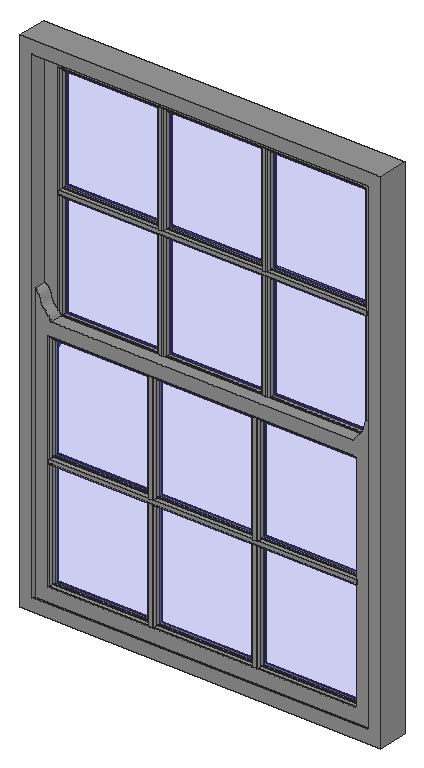
Revit family "HMS5SP", category Windows, host Wall, Revit 2015
Parameters (values of type "HMS5SP")
  Height = 1775 mm
  Default Lintel Height = 2100 mm
  Wall Closure = By host
  Width = 1250 mm
Reference planes
  plane 1 "Center (Front/Back)": y = 0
  plane 2 "Center (Left/Right)": x = 0
  plane 3 "Left": x = -625
  plane 4 "Right": x = 625
  plane 5 "Sill": z = 325
  plane 6 "Head": z = 2100
  plane 7 "Exterior": y = 100
  plane 8 "Interior": y = -100
  plane 9: y = -28.5
  plane 10: y = 23.5
  plane 11: z = 1212.5
  plane 12: z = 1241
  plane 13: z = 1184
Forms (mm)
  Sweep 1, solid, material "Lauan, Meranti"
    path origin (-10500, 23.5, 2100) x (0, 0, -1) y (-1, 0, 0)
      loop
        line (0, -11125) -> (1775, -11125) -> (1775, -9875) -> (0, -9875) -> (0, -11125)
    profile origin (0, 23.5, 2100) x (0, 0, 1) y (0, 1, 0)
      loop
        line (0, 29) -> (-42, 29) -> (-42, -76) -> (0, -76) -> (0, 29)
  Extrusion 2, solid, material "Lauan, Meranti"
    sketch origin (-10500, 0, 1675) x (0, 0, -1) y (-1, 0, 0)
      loop
        line (491, -11026) -> (491, -11083) -> (576, -11083)
        spline (576, -11083) -> (568.022, -11070.331) -> (558.494, -11063.581) -> (548.752, -11060.386) -> (540.116, -11058.399) -> (533.202, -11056.197) -> (527.644, -11053.636) -> (523.005, -11050.669) -> (518.783, -11047.149) -> (514.297, -11042.644) -> (508.83, -11036.691) -> (501.472, -11030.147) -> (491, -11026)
      loop
        spline (491, -9974) -> (501.472, -9969.853) -> (508.83, -9963.309) -> (514.297, -9957.356) -> (518.783, -9952.851) -> (523.005, -9949.331) -> (527.644, -9946.364) -> (533.202, -9943.803) -> (540.116, -9941.601) -> (548.752, -9939.614) -> (558.494, -9936.419) -> (568.022, -9929.669) -> (576, -9917)
        line (576, -9917) -> (491, -9917) -> (491, -9974)
    from 0 to 42
  Extrusion 3, solid, material "Lauan, Meranti"
    sketch origin (-10500, -42, 750) x (0, 0, 1) y (1, 0, 0)
      loop
        spline (491, 11026) -> (501.472, 11030.147) -> (508.83, 11036.691) -> (514.297, 11042.644) -> (518.783, 11047.149) -> (523.005, 11050.669) -> (527.644, 11053.636) -> (533.202, 11056.197) -> (540.116, 11058.399) -> (548.752, 11060.386) -> (558.494, 11063.581) -> (568.022, 11070.331) -> (576, 11083)
        line (576, 11083) -> (491, 11083) -> (491, 11026)
      loop
        line (491, 9974) -> (491, 9917) -> (576, 9917)
        spline (576, 9917) -> (568.022, 9929.669) -> (558.494, 9936.419) -> (548.752, 9939.614) -> (540.116, 9941.601) -> (533.202, 9943.803) -> (527.644, 9946.364) -> (523.005, 9949.331) -> (518.783, 9952.851) -> (514.297, 9957.356) -> (508.83, 9963.309) -> (501.472, 9969.853) -> (491, 9974)
    from 0 to 42
  Sweep 4, solid, material "Lauan, Meranti"
    path origin (-10670.807, 23.5, 1358.046) x (0, 0, -1) y (-1, 0, 0)
      loop
        line (117.046, -11253.807) -> (991.046, -11253.807) -> (991.046, -10087.807) -> (117.046, -10087.807) -> (117.046, -11253.807)
    profile origin (0, 23.5, 1241) x (0, 0, 1) y (0, 1, 0)
      loop
        line (0, -65.5) -> (0, -23.5) -> (-48, -23.5) -> (-48, -48.5) -> (-57, -48.5) -> (-57, -56.499) -> (-53.996, -56.499)
        arc (-53.996, -56.499) -> (-52.238, -60.744) -> (-47.994, -62.502) r 6.002
        line (-47.994, -62.502) -> (-47.994, -65.5) -> (0, -65.5)
  Sweep 5, solid, material "Lauan, Meranti"
    path origin (-10671.629, 23.5, 1894.103) x (0, 0, -1) y (-1, 0, 0)
      loop
        line (-163.897, -11254.629) -> (710.103, -11254.629) -> (710.103, -10088.629) -> (-163.897, -10088.629) -> (-163.897, -11254.629)
    profile origin (0, 23.5, 2058) x (0, 0, 1) y (0, 1, 0)
      loop
        line (-48, 18.5) -> (-48, -6.5) -> (-57, -6.5) -> (-57, -14.499) -> (-53.996, -14.499)
        arc (-53.996, -14.499) -> (-52.238, -18.744) -> (-47.994, -20.502) r 6.002
        line (-47.994, -20.502) -> (-47.994, -23.5) -> (0, -23.5) -> (0, 18.5) -> (-48, 18.5)
  Extrusion 6, solid, material "Lauan, Meranti"
    sketch origin (225, 18.5, 59.213) x (1, 0, 0) y (0, 1, 0)
      loop
        line (-51, 23.5) -> (-51, -1.5) -> (-60, -1.5) -> (-60, -9.5) -> (-57, -9.5)
        arc (-57, -9.5) -> (-55.243, -13.743) -> (-51, -15.5) r 6
        line (-51, -15.5) -> (-51, -18.5) -> (-38, -18.5) -> (-38, -15.5)
        arc (-38, -15.5) -> (-33.757, -13.743) -> (-32, -9.5) r 6
        line (-32, -9.5) -> (-29, -9.5) -> (-29, -1.5) -> (-38, -1.5) -> (-38, 23.5) -> (-51, 23.5)
      loop
        line (-412, 23.5) -> (-412, -1.5) -> (-421, -1.5) -> (-421, -9.5) -> (-418, -9.5)
        arc (-418, -9.5) -> (-416.243, -13.743) -> (-412, -15.5) r 6
        line (-412, -15.5) -> (-412, -18.5) -> (-399, -18.5) -> (-399, -15.5)
        arc (-399, -15.5) -> (-394.757, -13.743) -> (-393, -9.5) r 6
        line (-393, -9.5) -> (-390, -9.5) -> (-390, -1.5) -> (-399, -1.5) -> (-399, 23.5) -> (-412, 23.5)
    from 1568.287 to 1950.787
  Extrusion 7, solid, material "Glass"
    sketch origin (-10275, 17, 1962.5) x (0, 0, -1) y (-1, 0, 0)
      loop
        line (-47.5, -10810) -> (335, -10810) -> (335, -10462) -> (-47.5, -10462) -> (-47.5, -10810)
      loop
        line (-47.5, -10449) -> (335, -10449) -> (335, -10101) -> (-47.5, -10101) -> (-47.5, -10449)
      loop
        line (-47.5, -10088) -> (335, -10088) -> (335, -9740) -> (-47.5, -9740) -> (-47.5, -10088)
      loop
        line (348, -10810) -> (730.5, -10810) -> (730.5, -10462) -> (348, -10462) -> (348, -10810)
      loop
        line (348, -10449) -> (730.5, -10449) -> (730.5, -10101) -> (348, -10101) -> (348, -10449)
      loop
        line (348, -10088) -> (730.5, -10088) -> (730.5, -9740) -> (348, -9740) -> (348, -10088)
    from 0 to 6.4
  Sweep 8, solid, material "Lauan, Meranti"
    path origin (251.75, 100, -280.151) x (1, 0, 0) y (0, 0, 1)
      loop
        line (283.25, 2290.151) -> (-64.75, 2290.151) -> (-64.75, 1907.651) -> (283.25, 1907.651) -> (283.25, 2290.151)
    profile origin (361, 100, 2010) x (0, 0, -1) y (0, -1, 0)
      loop
        arc (0, 68.6) -> (4.67, 70.234) -> (7, 74.6) r 6.807
        line (7, 74.6) -> (9, 74.6) -> (9, 76.6) -> (0, 76.6) -> (0, 68.6)
  Extrusion 9, solid, material "Lauan, Meranti"
    sketch origin (1720.5, 18.5, 1621) x (0, 0, 1) y (0, 1, 0)
      loop
        line (-6.5, 23.5) -> (-6.5, -1.5) -> (-15.5, -1.5) -> (-15.5, -9.5) -> (-12.5, -9.5)
        arc (-12.5, -9.5) -> (-10.743, -13.743) -> (-6.5, -15.5) r 6
        line (-6.5, -15.5) -> (-6.5, -18.5) -> (6.5, -18.5) -> (6.5, -15.5)
        arc (6.5, -15.5) -> (10.743, -13.743) -> (12.5, -9.5) r 6
        line (12.5, -9.5) -> (15.5, -9.5) -> (15.5, -1.5) -> (6.5, -1.5) -> (6.5, 23.5) -> (-6.5, 23.5)
    from 1185.5 to 2255.5
  Extrusion 10, solid, material "Lauan, Meranti"
    sketch origin (225, 18.5, -285.787) x (1, 0, 0) y (0, 1, 0)
      loop
        line (-51, 23.5) -> (-51, -1.5) -> (-60, -1.5) -> (-60, -9.5) -> (-57, -9.5)
        arc (-57, -9.5) -> (-55.243, -13.743) -> (-51, -15.5) r 6
        line (-51, -15.5) -> (-51, -18.5) -> (-38, -18.5) -> (-38, -15.5)
        arc (-38, -15.5) -> (-33.757, -13.743) -> (-32, -9.5) r 6
        line (-32, -9.5) -> (-29, -9.5) -> (-29, -1.5) -> (-38, -1.5) -> (-38, 23.5) -> (-51, 23.5)
      loop
        line (-412, 23.5) -> (-412, -1.5) -> (-421, -1.5) -> (-421, -9.5) -> (-418, -9.5)
        arc (-418, -9.5) -> (-416.243, -13.743) -> (-412, -15.5) r 6
        line (-412, -15.5) -> (-412, -18.5) -> (-399, -18.5) -> (-399, -15.5)
        arc (-399, -15.5) -> (-394.757, -13.743) -> (-393, -9.5) r 6
        line (-393, -9.5) -> (-390, -9.5) -> (-390, -1.5) -> (-399, -1.5) -> (-399, 23.5) -> (-412, 23.5)
    from 1517.787 to 1900.287
  Sweep 11, solid, material "Lauan, Meranti"
    path origin (-59.25, 100, -280.151) x (1, 0, 0) y (0, 0, 1)
      loop
        line (233.25, 2290.151) -> (-114.75, 2290.151) -> (-114.75, 1907.651) -> (233.25, 1907.651) -> (233.25, 2290.151)
    profile origin (0, 100, 2010) x (0, 0, -1) y (0, -1, 0)
      loop
        arc (0, 68.6) -> (4.67, 70.234) -> (7, 74.6) r 6.807
        line (7, 74.6) -> (9, 74.6) -> (9, 76.6) -> (0, 76.6) -> (0, 68.6)
  Sweep 12, solid, material "Lauan, Meranti"
    path origin (-370.25, 100, -280.151) x (1, 0, 0) y (0, 0, 1)
      loop
        line (183.25, 2290.151) -> (-164.75, 2290.151) -> (-164.75, 1907.651) -> (183.25, 1907.651) -> (183.25, 2290.151)
    profile origin (-361, 100, 2010) x (0, 0, -1) y (0, -1, 0)
      loop
        arc (0, 68.6) -> (4.67, 70.234) -> (7, 74.6) r 6.807
        line (7, 74.6) -> (9, 74.6) -> (9, 76.6) -> (0, 76.6) -> (0, 68.6)
  Sweep 13, solid, material "Lauan, Meranti"
    path origin (251.75, 100, -625.651) x (1, 0, 0) y (0, 0, 1)
      loop
        line (283.25, 2240.151) -> (-64.75, 2240.151) -> (-64.75, 1857.651) -> (283.25, 1857.651) -> (283.25, 2240.151)
    profile origin (361, 100, 1614.5) x (0, 0, -1) y (0, -1, 0)
      loop
        arc (0, 68.6) -> (4.67, 70.234) -> (7, 74.6) r 6.807
        line (7, 74.6) -> (9, 74.6) -> (9, 76.6) -> (0, 76.6) -> (0, 68.6)
  Sweep 14, solid, material "Lauan, Meranti"
    path origin (-59.25, 100, -625.651) x (1, 0, 0) y (0, 0, 1)
      loop
        line (233.25, 2240.151) -> (-114.75, 2240.151) -> (-114.75, 1857.651) -> (233.25, 1857.651) -> (233.25, 2240.151)
    profile origin (0, 100, 1614.5) x (0, 0, -1) y (0, -1, 0)
      loop
        arc (0, 68.6) -> (4.67, 70.234) -> (7, 74.6) r 6.807
        line (7, 74.6) -> (9, 74.6) -> (9, 76.6) -> (0, 76.6) -> (0, 68.6)
  Sweep 15, solid, material "Lauan, Meranti"
    path origin (-370.25, 100, -625.651) x (1, 0, 0) y (0, 0, 1)
      loop
        line (183.25, 2240.151) -> (-164.75, 2240.151) -> (-164.75, 1857.651) -> (183.25, 1857.651) -> (183.25, 2240.151)
    profile origin (-361, 100, 1614.5) x (0, 0, -1) y (0, -1, 0)
      loop
        arc (0, 68.6) -> (4.67, 70.234) -> (7, 74.6) r 6.807
        line (7, 74.6) -> (9, 74.6) -> (9, 76.6) -> (0, 76.6) -> (0, 68.6)
  Extrusion 16, solid, material "Lauan, Meranti"
    sketch origin (225, -23.5, -757.787) x (1, 0, 0) y (0, 1, 0)
      loop
        line (-51, 23.5) -> (-51, -1.5) -> (-60, -1.5) -> (-60, -9.5) -> (-57, -9.5)
        arc (-57, -9.5) -> (-55.243, -13.743) -> (-51, -15.5) r 6
        line (-51, -15.5) -> (-51, -18.5) -> (-38, -18.5) -> (-38, -15.5)
        arc (-38, -15.5) -> (-33.757, -13.743) -> (-32, -9.5) r 6
        line (-32, -9.5) -> (-29, -9.5) -> (-29, -1.5) -> (-38, -1.5) -> (-38, 23.5) -> (-51, 23.5)
      loop
        line (-412, 23.5) -> (-412, -1.5) -> (-421, -1.5) -> (-421, -9.5) -> (-418, -9.5)
        arc (-418, -9.5) -> (-416.243, -13.743) -> (-412, -15.5) r 6
        line (-412, -15.5) -> (-412, -18.5) -> (-399, -18.5) -> (-399, -15.5)
        arc (-399, -15.5) -> (-394.757, -13.743) -> (-393, -9.5) r 6
        line (-393, -9.5) -> (-390, -9.5) -> (-390, -1.5) -> (-399, -1.5) -> (-399, 23.5) -> (-412, 23.5)
    from 1568.287 to 1950.787
  Extrusion 17, solid, material "Glass"
    sketch origin (-10275, -25, 1145.5) x (0, 0, -1) y (-1, 0, 0)
      loop
        line (-47.5, -10810) -> (335, -10810) -> (335, -10462) -> (-47.5, -10462) -> (-47.5, -10810)
      loop
        line (-47.5, -10449) -> (335, -10449) -> (335, -10101) -> (-47.5, -10101) -> (-47.5, -10449)
      loop
        line (-47.5, -10088) -> (335, -10088) -> (335, -9740) -> (-47.5, -9740) -> (-47.5, -10088)
      loop
        line (348, -10810) -> (730.5, -10810) -> (730.5, -10462) -> (348, -10462) -> (348, -10810)
      loop
        line (348, -10449) -> (730.5, -10449) -> (730.5, -10101) -> (348, -10101) -> (348, -10449)
      loop
        line (348, -10088) -> (730.5, -10088) -> (730.5, -9740) -> (348, -9740) -> (348, -10088)
    from 0 to 6.4
  Sweep 18, solid, material "Lauan, Meranti"
    path origin (251.75, 58, -1097.151) x (1, 0, 0) y (0, 0, 1)
      loop
        line (283.25, 2290.151) -> (-64.75, 2290.151) -> (-64.75, 1907.651) -> (283.25, 1907.651) -> (283.25, 2290.151)
    profile origin (361, 58, 1193) x (0, 0, -1) y (0, -1, 0)
      loop
        arc (0, 68.6) -> (4.67, 70.234) -> (7, 74.6) r 6.807
        line (7, 74.6) -> (9, 74.6) -> (9, 76.6) -> (0, 76.6) -> (0, 68.6)
  Extrusion 19, solid, material "Lauan, Meranti"
    sketch origin (1720.5, -23.5, 804) x (0, 0, 1) y (0, 1, 0)
      loop
        line (-6.5, 23.5) -> (-6.5, -1.5) -> (-15.5, -1.5) -> (-15.5, -9.5) -> (-12.5, -9.5)
        arc (-12.5, -9.5) -> (-10.743, -13.743) -> (-6.5, -15.5) r 6
        line (-6.5, -15.5) -> (-6.5, -18.5) -> (6.5, -18.5) -> (6.5, -15.5)
        arc (6.5, -15.5) -> (10.743, -13.743) -> (12.5, -9.5) r 6
        line (12.5, -9.5) -> (15.5, -9.5) -> (15.5, -1.5) -> (6.5, -1.5) -> (6.5, 23.5) -> (-6.5, 23.5)
    from 1185.5 to 2255.5
  Extrusion 20, solid, material "Lauan, Meranti"
    sketch origin (225, -23.5, -1102.787) x (1, 0, 0) y (0, 1, 0)
      loop
        line (-51, 23.5) -> (-51, -1.5) -> (-60, -1.5) -> (-60, -9.5) -> (-57, -9.5)
        arc (-57, -9.5) -> (-55.243, -13.743) -> (-51, -15.5) r 6
        line (-51, -15.5) -> (-51, -18.5) -> (-38, -18.5) -> (-38, -15.5)
        arc (-38, -15.5) -> (-33.757, -13.743) -> (-32, -9.5) r 6
        line (-32, -9.5) -> (-29, -9.5) -> (-29, -1.5) -> (-38, -1.5) -> (-38, 23.5) -> (-51, 23.5)
      loop
        line (-412, 23.5) -> (-412, -1.5) -> (-421, -1.5) -> (-421, -9.5) -> (-418, -9.5)
        arc (-418, -9.5) -> (-416.243, -13.743) -> (-412, -15.5) r 6
        line (-412, -15.5) -> (-412, -18.5) -> (-399, -18.5) -> (-399, -15.5)
        arc (-399, -15.5) -> (-394.757, -13.743) -> (-393, -9.5) r 6
        line (-393, -9.5) -> (-390, -9.5) -> (-390, -1.5) -> (-399, -1.5) -> (-399, 23.5) -> (-412, 23.5)
    from 1517.787 to 1900.287
  Sweep 21, solid, material "Lauan, Meranti"
    path origin (-59.25, 58, -1097.151) x (1, 0, 0) y (0, 0, 1)
      loop
        line (233.25, 2290.151) -> (-114.75, 2290.151) -> (-114.75, 1907.651) -> (233.25, 1907.651) -> (233.25, 2290.151)
    profile origin (0, 58, 1193) x (0, 0, -1) y (0, -1, 0)
      loop
        arc (0, 68.6) -> (4.67, 70.234) -> (7, 74.6) r 6.807
        line (7, 74.6) -> (9, 74.6) -> (9, 76.6) -> (0, 76.6) -> (0, 68.6)
  Sweep 22, solid, material "Lauan, Meranti"
    path origin (-370.25, 58, -1097.151) x (1, 0, 0) y (0, 0, 1)
      loop
        line (183.25, 2290.151) -> (-164.75, 2290.151) -> (-164.75, 1907.651) -> (183.25, 1907.651) -> (183.25, 2290.151)
    profile origin (-361, 58, 1193) x (0, 0, -1) y (0, -1, 0)
      loop
        arc (0, 68.6) -> (4.67, 70.234) -> (7, 74.6) r 6.807
        line (7, 74.6) -> (9, 74.6) -> (9, 76.6) -> (0, 76.6) -> (0, 68.6)
  Sweep 23, solid, material "Lauan, Meranti"
    path origin (251.75, 58, -1442.651) x (1, 0, 0) y (0, 0, 1)
      loop
        line (283.25, 2240.151) -> (-64.75, 2240.151) -> (-64.75, 1857.651) -> (283.25, 1857.651) -> (283.25, 2240.151)
    profile origin (361, 58, 797.5) x (0, 0, -1) y (0, -1, 0)
      loop
        arc (0, 68.6) -> (4.67, 70.234) -> (7, 74.6) r 6.807
        line (7, 74.6) -> (9, 74.6) -> (9, 76.6) -> (0, 76.6) -> (0, 68.6)
  Sweep 24, solid, material "Lauan, Meranti"
    path origin (-59.25, 58, -1442.651) x (1, 0, 0) y (0, 0, 1)
      loop
        line (233.25, 2240.151) -> (-114.75, 2240.151) -> (-114.75, 1857.651) -> (233.25, 1857.651) -> (233.25, 2240.151)
    profile origin (0, 58, 797.5) x (0, 0, -1) y (0, -1, 0)
      loop
        arc (0, 68.6) -> (4.67, 70.234) -> (7, 74.6) r 6.807
        line (7, 74.6) -> (9, 74.6) -> (9, 76.6) -> (0, 76.6) -> (0, 68.6)
  Sweep 25, solid, material "Lauan, Meranti"
    path origin (-370.25, 58, -1442.651) x (1, 0, 0) y (0, 0, 1)
      loop
        line (183.25, 2240.151) -> (-164.75, 2240.151) -> (-164.75, 1857.651) -> (183.25, 1857.651) -> (183.25, 2240.151)
    profile origin (-361, 58, 797.5) x (0, 0, -1) y (0, -1, 0)
      loop
        arc (0, 68.6) -> (4.67, 70.234) -> (7, 74.6) r 6.807
        line (7, 74.6) -> (9, 74.6) -> (9, 76.6) -> (0, 76.6) -> (0, 68.6)
Cuts and joins
  joined: Extrusion 3, Sweep 4
  joined: Extrusion 2, Sweep 5
Lines and regions (mm)
  Opening 1
    outline origin (3500, -100, 0) x (1, 0, 0) y (0, 0, 1)
      loop
        line (-2875, 325) -> (-2875, 2100) -> (-4125, 2100) -> (-4125, 325) -> (-2875, 325)
  model lines
    curve 1: line (583, 42, 2058) -> (0, 42, 1184)
    curve 2: line (-583, 42, 2058) -> (0, 42, 1184)
Text (mm)
  text "EXTERIOR" at (-1963.203, 1332.353, 0), in view "Ref. Level"
  text "INTERIOR" at (-1981.466, -818.386, 0), in view "Ref. Level"
  text "Exterior" at (0, 923.751, 2943.296), in view "Right"
  text "Exterior" at (0, 1040.484, 2685.409), in view "Left"
Dimensions and locks
  equal spacing: plane 3 "Left", plane 2 "Center (Left/Right)", plane 4 "Right"
  "Width": plane 3 "Left" to plane 4 "Right"
  "Height": plane 5 "Sill" to plane 6 "Head"
  "Default Lintel Height": plane 6 "Head" to level
  locked: plane 7 "Exterior" to host wall at 0
  locked: plane 8 "Interior" to host wall
  locked: plane 10 to plane 9 at 52
  plane 3 "Left" to plane 4 "Right" = 1250 mm
  aligned and locked: Sweep 1 sketch curve to host wall  (x4)
  aligned and locked: Sweep 4 sketch curve to plane 12
  aligned and locked: plane 13 to Sweep 5 sketch curve
  aligned and locked: Extrusion 7 sketch curve to Extrusion 6  (x4)
  aligned and locked: Extrusion 7 sketch curve to Extrusion 9  (x2)
  aligned and locked: Extrusion 7 sketch curve to Extrusion 7 sketch curve  (x4)
  aligned and locked: Extrusion 7 to Sweep 8 sketch curve
  aligned and locked: Extrusion 7 to Sweep 11 sketch curve
  aligned and locked: Extrusion 7 to Sweep 12 sketch curve
  aligned and locked: Sweep 13 sketch curve to Extrusion 7
  aligned and locked: Extrusion 7 to Sweep 14 sketch curve
  aligned and locked: Extrusion 7 to Sweep 15 sketch curve
  aligned and locked: Extrusion 7 sketch curve to cut or joined group of Extrusion 2, Sweep 5
  aligned and locked: Extrusion 7 sketch curve to Extrusion 10  (x2)
  aligned and locked: Sweep 12 sketch curve to Extrusion 6
  aligned and locked: Sweep 11 sketch curve to Extrusion 6  (x2)
  aligned and locked: Sweep 8 sketch curve to Extrusion 6
  aligned and locked: Sweep 15 sketch curve to cut or joined group of Extrusion 2, Sweep 5
  aligned and locked: Extrusion 17 sketch curve to Extrusion 16  (x4)
  aligned and locked: Extrusion 17 sketch curve to Extrusion 19  (x2)
  aligned and locked: Extrusion 17 sketch curve to Extrusion 17 sketch curve  (x4)
  aligned and locked: Extrusion 17 to Sweep 18 sketch curve
  aligned and locked: Extrusion 17 to Sweep 21 sketch curve
  aligned and locked: Extrusion 17 to Sweep 22 sketch curve
  aligned and locked: Sweep 23 sketch curve to Extrusion 17
  aligned and locked: Extrusion 17 to Sweep 24 sketch curve
  aligned and locked: Extrusion 17 to Sweep 25 sketch curve
  aligned and locked: Extrusion 17 sketch curve to Extrusion 20  (x2)
  aligned and locked: Sweep 22 sketch curve to Extrusion 16
  aligned and locked: Sweep 21 sketch curve to Extrusion 16  (x2)
  aligned and locked: Sweep 18 sketch curve to Extrusion 16
Automatic sketch dimensions
  plane 3 "Left" to Opening 1 sketch curve = 0 mm
  plane 4 "Right" to Opening 1 sketch curve = 0 mm
  Opening 1 sketch curve to plane 5 "Sill" = 0 mm
  Opening 1 sketch curve to plane 6 "Head" = 0 mm
  profile plane to Sweep 1 sketch curve = 0 mm
  profile plane to Sweep 1 sketch curve = 42 mm
  Sweep 1 sketch curve to plane 10 = 76 mm
  plane 10 to Sweep 1 sketch curve = 29 mm
  plane 2 "Center (Left/Right)" to curve 1 = 0 mm
  curve 1 to plane 13 = 0 mm
  curve 2 to plane 3 "Left" = 42 mm
  plane 4 "Right" to curve 1 = 42 mm
  plane 6 "Head" to curve 2 = 42 mm
  plane 6 "Head" to curve 1 = 42 mm
  Extrusion 2 sketch curve to plane 13 = 0 mm  (x2)
  Extrusion 2 sketch curve to plane 3 "Left" = 42 mm
  Extrusion 2 sketch curve to plane 13 = 85 mm  (x2)
  plane 4 "Right" to Extrusion 2 sketch curve = 42 mm
  Extrusion 2 sketch curve to Extrusion 2 sketch curve = 57 mm  (x2)
  Extrusion 3 sketch curve to plane 12 = 0 mm  (x2)
  Extrusion 3 sketch curve to plane 3 "Left" = 42 mm
  Extrusion 3 sketch curve to Extrusion 3 sketch curve = 85 mm
  plane 4 "Right" to Extrusion 3 sketch curve = 42 mm
  plane 12 to Extrusion 3 sketch curve = 85 mm
  Extrusion 3 sketch curve to Extrusion 3 sketch curve = 57 mm  (x2)
  Sweep 4 sketch curve to plane 5 "Sill" = 42 mm
  plane 4 "Right" to Sweep 4 sketch curve = 42 mm
  Sweep 4 sketch curve to plane 3 "Left" = 42 mm
  profile plane to Sweep 4 sketch curve = 0 mm
  Sweep 4 sketch curve to Sweep 4 sketch curve = 47.994 mm
  Sweep 4 sketch curve to Sweep 4 sketch curve = 0.006 mm
  Sweep 4 sketch curve to Sweep 4 sketch curve = 6.002 mm
  Sweep 4 sketch curve to Sweep 4 sketch curve = 3.004 mm
  Sweep 4 sketch curve to profile plane = 65.5 mm
  Sweep 4 sketch curve to Sweep 4 sketch curve = 2.998 mm
  Sweep 4 sketch curve to Sweep 4 sketch curve = 7.999 mm
  Sweep 4 sketch curve to profile plane = 23.5 mm
  plane 6 "Head" to Sweep 5 sketch curve = 42 mm
  plane 4 "Right" to Sweep 5 sketch curve = 42 mm
  Sweep 5 sketch curve to plane 3 "Left" = 42 mm
  profile plane to Sweep 5 sketch curve = 0 mm
  Sweep 5 sketch curve to profile plane = 23.5 mm
  profile plane to Sweep 5 sketch curve = 47.994 mm
  Sweep 5 sketch curve to Sweep 5 sketch curve = 0.006 mm
  Sweep 5 sketch curve to Sweep 5 sketch curve = 6.002 mm
  Sweep 5 sketch curve to Sweep 5 sketch curve = 3.004 mm
  Sweep 5 sketch curve to Sweep 5 sketch curve = 2.998 mm
  Sweep 5 sketch curve to profile plane = 6.5 mm
  profile plane to Sweep 5 sketch curve = 18.5 mm
  host wall to Extrusion 6 sketch curve = 0 mm  (x2)
  Extrusion 6 sketch curve to plane 10 = 6.5 mm  (x4)
  plane 2 "Center (Left/Right)" to Extrusion 6 sketch curve = 196 mm
  Extrusion 6 sketch curve to Extrusion 6 sketch curve = 3 mm  (x4)
  Extrusion 6 sketch curve to Extrusion 6 sketch curve = 9 mm  (x2)
  Extrusion 6 sketch curve to host wall = 3 mm  (x3)
  Extrusion 6 sketch curve to Extrusion 6 sketch curve = 6 mm  (x4)
  Extrusion 6 sketch curve to Extrusion 6 sketch curve = 13 mm  (x4)
  Extrusion 6 sketch curve to host wall = 9 mm
  Extrusion 6 sketch curve to plane 2 "Center (Left/Right)" = 165 mm
  plane 10 to Extrusion 6 sketch curve = 18.5 mm  (x2)
  plane 6 "Head" to Extrusion 7 sketch curve = 90 mm  (x2)
  Extrusion 7 sketch curve to Extrusion 7 sketch curve = 0 mm  (x3)
  Extrusion 7 sketch curve to Extrusion 7 sketch curve = 13 mm  (x2)
  Extrusion 7 sketch curve to plane 12 = 9 mm  (x3)
  plane 4 "Right" to Extrusion 7 sketch curve = 90 mm
  plane 4 "Right" to Sweep 8 sketch curve = 90 mm
  plane 6 "Head" to Sweep 8 sketch curve = 90 mm
  Sweep 8 sketch curve to profile plane = 0 mm
  Sweep 8 sketch curve to profile plane = 0.241 mm
  Sweep 8 sketch curve to Sweep 8 sketch curve = 6.759 mm
  Sweep 8 sketch curve to Sweep 8 sketch curve = 2 mm  (x2)
  profile plane to Sweep 8 sketch curve = 68.6 mm
  Sweep 8 sketch curve to Sweep 8 sketch curve = 6 mm
  Extrusion 9 sketch curve to host wall = 0 mm
  Extrusion 9 sketch curve to host wall = 9 mm
  plane 12 to Extrusion 9 sketch curve = 364.5 mm
  Extrusion 9 sketch curve to Extrusion 9 sketch curve = 3 mm  (x3)
  Extrusion 9 sketch curve to Extrusion 9 sketch curve = 9 mm
  Extrusion 9 sketch curve to host wall = 3 mm
  Extrusion 9 sketch curve to Extrusion 9 sketch curve = 13 mm  (x2)
  Extrusion 9 sketch curve to Extrusion 9 sketch curve = 6 mm
  Extrusion 9 sketch curve to plane 10 = 6.5 mm  (x2)
  plane 10 to Extrusion 9 sketch curve = 18.5 mm
  host wall to Extrusion 10 sketch curve = 0 mm  (x2)
  Extrusion 10 sketch curve to plane 10 = 6.5 mm  (x4)
  plane 2 "Center (Left/Right)" to Extrusion 10 sketch curve = 196 mm
  Extrusion 10 sketch curve to Extrusion 10 sketch curve = 3 mm  (x4)
  Extrusion 10 sketch curve to Extrusion 10 sketch curve = 9 mm  (x2)
  Extrusion 10 sketch curve to host wall = 3 mm  (x3)
  Extrusion 10 sketch curve to Extrusion 10 sketch curve = 6 mm  (x4)
  Extrusion 10 sketch curve to Extrusion 10 sketch curve = 13 mm  (x4)
  Extrusion 10 sketch curve to host wall = 9 mm
  Extrusion 10 sketch curve to plane 2 "Center (Left/Right)" = 165 mm
  plane 10 to Extrusion 10 sketch curve = 18.5 mm  (x2)
  plane 6 "Head" to Sweep 11 sketch curve = 90 mm
  Sweep 11 sketch curve to profile plane = 0 mm
  Sweep 11 sketch curve to profile plane = 0.241 mm
  Sweep 11 sketch curve to Sweep 11 sketch curve = 6.759 mm
  Sweep 11 sketch curve to Sweep 11 sketch curve = 2 mm  (x2)
  profile plane to Sweep 11 sketch curve = 68.6 mm
  Sweep 11 sketch curve to Sweep 11 sketch curve = 6 mm
  Sweep 12 sketch curve to plane 3 "Left" = 90 mm
  plane 6 "Head" to Sweep 12 sketch curve = 90 mm
  Sweep 12 sketch curve to profile plane = 0 mm
  Sweep 12 sketch curve to profile plane = 0.241 mm
  Sweep 12 sketch curve to Sweep 12 sketch curve = 6.759 mm
  Sweep 12 sketch curve to Sweep 12 sketch curve = 2 mm  (x2)
  profile plane to Sweep 12 sketch curve = 68.6 mm
  Sweep 12 sketch curve to Sweep 12 sketch curve = 6 mm
  Sweep 13 sketch curve to plane 2 "Center (Left/Right)" = 187 mm
  Sweep 13 sketch curve to plane 12 = 9 mm
  plane 4 "Right" to Sweep 13 sketch curve = 90 mm
  Sweep 13 sketch curve to profile plane = 0 mm
  Sweep 13 sketch curve to profile plane = 0.241 mm
  Sweep 13 sketch curve to Sweep 13 sketch curve = 6.759 mm
  Sweep 13 sketch curve to Sweep 13 sketch curve = 2 mm  (x2)
  profile plane to Sweep 13 sketch curve = 68.6 mm
  Sweep 13 sketch curve to Sweep 13 sketch curve = 6 mm
  plane 2 "Center (Left/Right)" to Sweep 14 sketch curve = 174 mm
  Sweep 14 sketch curve to plane 12 = 9 mm
  Sweep 14 sketch curve to plane 2 "Center (Left/Right)" = 174 mm
  Sweep 14 sketch curve to profile plane = 0 mm
  Sweep 14 sketch curve to profile plane = 0.241 mm
  Sweep 14 sketch curve to Sweep 14 sketch curve = 6.759 mm
  Sweep 14 sketch curve to Sweep 14 sketch curve = 2 mm  (x2)
  profile plane to Sweep 14 sketch curve = 68.6 mm
  Sweep 14 sketch curve to Sweep 14 sketch curve = 6 mm
  Sweep 15 sketch curve to plane 12 = 9 mm
  plane 2 "Center (Left/Right)" to Sweep 15 sketch curve = 187 mm
  Sweep 15 sketch curve to profile plane = 0 mm
  Sweep 15 sketch curve to profile plane = 0.241 mm
  Sweep 15 sketch curve to Sweep 15 sketch curve = 6.759 mm
  Sweep 15 sketch curve to Sweep 15 sketch curve = 2 mm  (x2)
  profile plane to Sweep 15 sketch curve = 68.6 mm
  Sweep 15 sketch curve to Sweep 15 sketch curve = 6 mm
  host wall to Extrusion 16 sketch curve = 0 mm  (x2)
  plane 9 to Extrusion 16 sketch curve = 3.5 mm  (x4)
  plane 2 "Center (Left/Right)" to Extrusion 16 sketch curve = 196 mm
  Extrusion 16 sketch curve to Extrusion 16 sketch curve = 3 mm  (x8)
  Extrusion 16 sketch curve to Extrusion 16 sketch curve = 9 mm  (x2)
  Extrusion 16 sketch curve to Extrusion 16 sketch curve = 6 mm  (x4)
  Extrusion 16 sketch curve to Extrusion 16 sketch curve = 13 mm  (x4)
  Extrusion 16 sketch curve to plane 9 = 4.5 mm
  Extrusion 16 sketch curve to plane 2 "Center (Left/Right)" = 165 mm
  Extrusion 16 sketch curve to plane 9 = 10.5 mm
  plane 13 to Extrusion 17 sketch curve = 9 mm  (x3)
  Extrusion 17 sketch curve to Extrusion 17 sketch curve = 13 mm  (x2)
  Extrusion 17 sketch curve to plane 5 "Sill" = 90 mm
  Extrusion 17 sketch curve to Extrusion 17 sketch curve = 0 mm  (x4)
  plane 4 "Right" to Extrusion 17 sketch curve = 90 mm
  Extrusion 17 sketch curve to plane 3 "Left" = 90 mm
  plane 4 "Right" to Sweep 18 sketch curve = 90 mm
  plane 13 to Sweep 18 sketch curve = 9 mm
  Sweep 18 sketch curve to profile plane = 0 mm
  Sweep 18 sketch curve to profile plane = 0.241 mm
  Sweep 18 sketch curve to Sweep 18 sketch curve = 6.759 mm
  Sweep 18 sketch curve to Sweep 18 sketch curve = 2 mm  (x2)
  profile plane to Sweep 18 sketch curve = 68.6 mm
  Sweep 18 sketch curve to Sweep 18 sketch curve = 6 mm
  Extrusion 19 sketch curve to host wall = 0 mm
  Extrusion 19 sketch curve to plane 9 = 4.5 mm
  Extrusion 19 sketch curve to plane 13 = 395.5 mm
  Extrusion 19 sketch curve to Extrusion 19 sketch curve = 3 mm  (x3)
  plane 9 to Extrusion 19 sketch curve = 3.5 mm  (x2)
  Extrusion 19 sketch curve to Extrusion 19 sketch curve = 9 mm
  Extrusion 19 sketch curve to Extrusion 19 sketch curve = 6 mm  (x2)
  Extrusion 19 sketch curve to Extrusion 19 sketch curve = 13 mm  (x2)
  Extrusion 19 sketch curve to plane 9 = 10.5 mm
  host wall to Extrusion 20 sketch curve = 0 mm  (x2)
  plane 9 to Extrusion 20 sketch curve = 3.5 mm  (x4)
  plane 2 "Center (Left/Right)" to Extrusion 20 sketch curve = 196 mm
  Extrusion 20 sketch curve to Extrusion 20 sketch curve = 3 mm  (x8)
  Extrusion 20 sketch curve to Extrusion 20 sketch curve = 9 mm  (x2)
  Extrusion 20 sketch curve to Extrusion 20 sketch curve = 6 mm  (x4)
  Extrusion 20 sketch curve to Extrusion 20 sketch curve = 13 mm  (x4)
  Extrusion 20 sketch curve to plane 9 = 4.5 mm
  Extrusion 20 sketch curve to plane 2 "Center (Left/Right)" = 165 mm
  Extrusion 20 sketch curve to plane 9 = 10.5 mm
  plane 13 to Sweep 21 sketch curve = 9 mm
  Sweep 21 sketch curve to profile plane = 0 mm
  Sweep 21 sketch curve to profile plane = 0.241 mm
  Sweep 21 sketch curve to Sweep 21 sketch curve = 6.759 mm
  Sweep 21 sketch curve to Sweep 21 sketch curve = 2 mm  (x2)
  profile plane to Sweep 21 sketch curve = 68.6 mm
  Sweep 21 sketch curve to Sweep 21 sketch curve = 6 mm
  Sweep 22 sketch curve to plane 3 "Left" = 90 mm
  plane 13 to Sweep 22 sketch curve = 9 mm
  Sweep 22 sketch curve to profile plane = 0 mm
  Sweep 22 sketch curve to profile plane = 0.241 mm
  Sweep 22 sketch curve to Sweep 22 sketch curve = 6.759 mm
  Sweep 22 sketch curve to Sweep 22 sketch curve = 2 mm  (x2)
  profile plane to Sweep 22 sketch curve = 68.6 mm
  Sweep 22 sketch curve to Sweep 22 sketch curve = 6 mm
  Sweep 23 sketch curve to plane 2 "Center (Left/Right)" = 187 mm
  plane 4 "Right" to Sweep 23 sketch curve = 90 mm
  Sweep 23 sketch curve to plane 5 "Sill" = 90 mm
  Sweep 23 sketch curve to profile plane = 0 mm
  Sweep 23 sketch curve to profile plane = 0.241 mm
  Sweep 23 sketch curve to Sweep 23 sketch curve = 6.759 mm
  Sweep 23 sketch curve to Sweep 23 sketch curve = 2 mm  (x2)
  profile plane to Sweep 23 sketch curve = 68.6 mm
  Sweep 23 sketch curve to Sweep 23 sketch curve = 6 mm
  plane 2 "Center (Left/Right)" to Sweep 24 sketch curve = 174 mm
  Sweep 24 sketch curve to plane 2 "Center (Left/Right)" = 174 mm
  Sweep 24 sketch curve to plane 5 "Sill" = 90 mm
  Sweep 24 sketch curve to profile plane = 0 mm
  Sweep 24 sketch curve to profile plane = 0.241 mm
  Sweep 24 sketch curve to Sweep 24 sketch curve = 6.759 mm
  Sweep 24 sketch curve to Sweep 24 sketch curve = 2 mm  (x2)
  profile plane to Sweep 24 sketch curve = 68.6 mm
  Sweep 24 sketch curve to Sweep 24 sketch curve = 6 mm
  Sweep 25 sketch curve to plane 3 "Left" = 90 mm
  Sweep 25 sketch curve to plane 5 "Sill" = 90 mm
  plane 2 "Center (Left/Right)" to Sweep 25 sketch curve = 187 mm
  Sweep 25 sketch curve to profile plane = 0 mm
  Sweep 25 sketch curve to profile plane = 0.241 mm
  Sweep 25 sketch curve to Sweep 25 sketch curve = 6.759 mm
  Sweep 25 sketch curve to Sweep 25 sketch curve = 2 mm  (x2)
  profile plane to Sweep 25 sketch curve = 68.6 mm
  Sweep 25 sketch curve to Sweep 25 sketch curve = 6 mm
